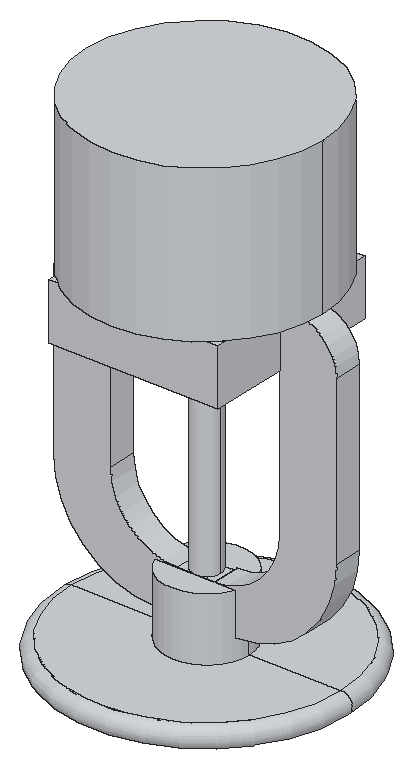
Revit family
Parameters (values of type "RASCO F1FR-EC PENDENT")
  Temperature Rating = 155 °F
  Response = 1
  RASCO SIN # = "R4842"
  RASCO Part # = "F1FREC1LB"
  Pressure Rating = "300 PSI"
  Pressure Class = 1
  Orifice Size = 17/32"
  Orifice = (empty or 0)
  Model = "F1FR"
  Manufacturer = "RASCO"
  K-Factor = 8
  Description = "Bronze Finish"
  Coverage = 1
Reference planes (in)
  plane 1 "Center (Front/Back)": y = 0
  plane 2: z = 0
  plane 3 "Center (Left/Right)": x = 0
Dimensions and locks (in)
  aligned and locked: plane 2 to level
Nested families (in)
  nested 1: "F1FREC1LB" at (-0.01148, -1.2509, 2.4375) x (-1, 0, 0) z (0, 0, -1), type "RASCO F1FR- EC PENDENT"
Connectors (in)
  piping at (-0.01148, -1.2509, 2.4375)
    settings: on nested 1, index 1, connector radius 17/32", flow factor 0, pipe flow 0 GPM, pressure drop 0.00 psi, fitting loss kfactor 0, connector angle 0.00°, fixture units 0, flow configuration 0, flow direction 0, fitting loss method 0, system type 7, connector reference index -1, connector utility 0, adjustable connector no, is connector primary yes, fitting loss table "", connector description ""
Definition of nested family "F1FREC1LB"
  Parameters (values of type "RASCO F1FR-300 PENDENT")
    Type Comments = ""
    Temperature Rating = 0 °F
    Response = (empty or 0)
    Pressure Rating = "0"
    Pressure Class = (empty or 0)
    Orifice Size = 0"
    Orifice = (empty or 0)
    Model = ""
    Manufacturer = ""
    K-Factor = 0
    Description = ""
    Coverage = (empty or 0)
    Assembly Code = ""
  Reference planes (in)
    plane 1 "Center (Front/Back)": y = 0
    plane 2: z = 0
    plane 3 "ref.2": z = 0.6875
    plane 4 "ref.3": z = 0.9375
    plane 5: x = -0.38065
    plane 6: x = 0.36935
    plane 7 "ref. side 1": y = 0.06402
    plane 8 "ref. side 2": y = -0.06098
    plane 9 "ref.4": z = 1.875
    plane 10 "ref.5": z = 2.3125
    plane 11 "ref.6": z = 2.4375
  Forms (in)
    Extrusion 1, solid
      sketch origin (0, 0, 0) x (1, 0, 0) y (0, 1, 0)
        loop
          circle (0, 0) r 0.5221
      from 0 to 0.6875
    Extrusion 2, solid
      sketch origin (-0.12185, 0.05177, 0.6875) x (1, 0, 0) y (0, 1, 0)
        loop
          line (-0.2588, 0.356) -> (-0.2588, -0.4565) -> (0.4912, -0.4565) -> (0.4912, 0.356) -> (-0.2588, 0.356)
      from 0 to 0.25
    Extrusion 3, solid
      sketch origin (0, 0, 0) x (1, 0, 0) y (0, 0, 1)
        loop
          line (-0.38065, 0.69674) -> (-0.38065, 1.58397)
          arc (-0.38065, 1.58397) -> (-0.29541, 1.78976) -> (-0.08962, 1.875) r 0.29103
          line (-0.08962, 1.875) -> (0.07524, 1.875)
          arc (0.07524, 1.875) -> (0.28321, 1.78886) -> (0.36935, 1.58089) r 0.29411
          line (0.36935, 1.58089) -> (0.36935, 0.69728)
          arc (0.36935, 0.69728) -> (0.54046, 0.72329) -> (0.61935, 0.87734) r 0.18984
          line (0.61935, 0.87734) -> (0.61935, 1.61676)
          arc (0.61935, 1.61676) -> (0.48879, 1.93194) -> (0.17361, 2.0625) r 0.44574
          line (0.17361, 2.0625) -> (-0.18509, 2.0625)
          arc (-0.18509, 2.0625) -> (-0.50015, 1.932) -> (-0.63065, 1.61694) r 0.44556
          line (-0.63065, 1.61694) -> (-0.63065, 0.87876)
          arc (-0.63065, 0.87876) -> (-0.55196, 0.72414) -> (-0.38065, 0.69674) r 0.19126
      from -0.06402 to 0.06098
    Extrusion 4, solid
      sketch origin (0, 0, 0.9375) x (-1, 0, 0) y (0, -1, 0)
        loop
          circle (0.00574, -0.00152) r 0.0625
      from 0 to 0.9375
    Extrusion 5, solid
      sketch origin (0, 0, 1.875) x (-1, 0, 0) y (0, -1, 0)
        loop
          circle (0.00574, -0.00152) r 0.1875
      from 0 to 0.4375
    Revolve 6, solid
      sketch origin (0, 0, -0.2777) x (1, 0, 0) y (0, 0, 1)
        loop
          line (-0.19324, 2.43178) -> (-0.19324, 2.52696) -> (-0.60258, 2.52696)
          arc (-0.60258, 2.52696) -> (-0.65017, 2.47937) -> (-0.60258, 2.43178) r 0.04759
          line (-0.60258, 2.43178) -> (-0.19324, 2.43178)
        axis (-0.00574, 2.43178) -> (-0.00574, 2.52696)
      angle from 0 to 360
  Cuts and joins
    joined: Extrusion 1, Extrusion 2, Extrusion 4, Revolve 6
  Lines and regions (in)
    model lines
      curve 1: line (-0.00574, 0.06402, 1.875) -> (-0.00574, -0.06098, 1.875)
  Dimensions and locks (in)
    Extrusion 3 to Extrusion 3 = 0' - 1 1/4"
    Extrusion 5 to cut or joined group of Extrusion 1, Extrusion 2, Extrusion 4, Revolve 6 = 0' - 2 5/16"
